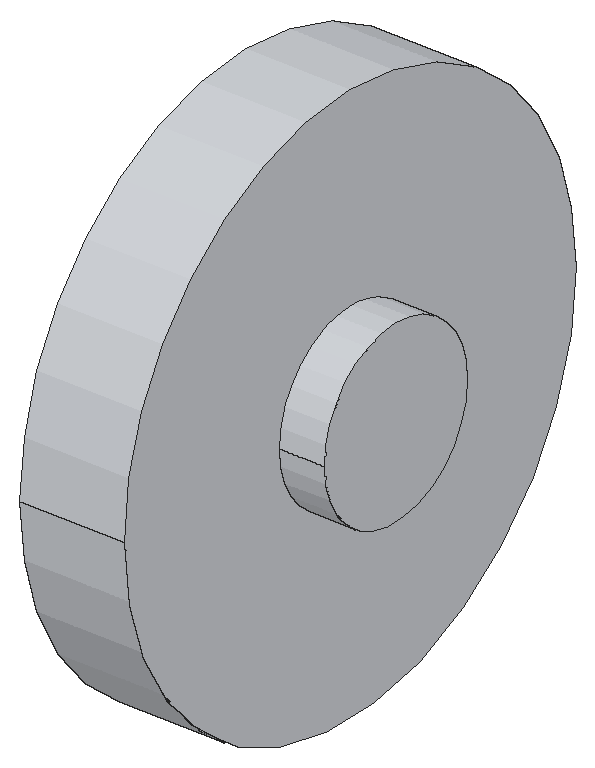
Revit family "384bdc3be1ce4cb9b9b8e45db5b30d9e", category Pipe Fittings, Revit 2021
Family settings
  Round Connector Dimension = Use Radius
  Part Type = Flange
  OmniClass Number = 23.60.30.11.14
  OmniClass Title = Pipework Fittings
  Seek Item ID = Flange - Slip-on - Steel - Class 900-0000-USA-ENU
  Work Plane-Based = No
  Always vertical = Yes
  Cut with Voids When Loaded = No
  Shared = No
Parameters (values of type "Standard")
  Tick Size [instance] = Flange Outside Diameter * 0.4  # 1.88976"
  Raised Face Thickness [instance] = 1/4"  # constant formula
  Raised Face Radius [instance] = Raised Face Diameter / 2  # 0.68701"
  Raised Face Diameter [instance] = size_lookup(Lookup Table Name, "RFD", 1.11 * Nominal Diameter + 1 47/128", Nominal Diameter)  # 1.37402"
  Nominal Radius [instance] = 1/4"
  Nominal Diameter [instance] = Nominal Radius * 2  # 1/2"
  Loss Method = Not Defined
  Lookup Table Name = "Flange - Slip-on - Steel - Class 900"
  Length Through Hub [instance] = size_lookup(Lookup Table Name, "LTH", 0.26 * Nominal Diameter + 1 1/2", Nominal Diameter)  # 1.25984"
  Hub Radius [instance] = Hub Diameter / 2  # 0.74803"
  Hub Diameter [instance] = size_lookup(Lookup Table Name, "HDia", 1.2 * Nominal Diameter + 1 53/128", Nominal Diameter)  # 1.49606"
  Flange Thickness [instance] = size_lookup(Lookup Table Name, "FThk", 0.18 * Nominal Diameter + 127/128", Nominal Diameter)  # 0.87795"
  Flange Outside Radius [instance] = Flange Outside Diameter / 2  # 2.3622"
  Flange Outside Diameter [instance] = size_lookup(Lookup Table Name, "FOD", 1.5 * Nominal Diameter + 5 33/256", Nominal Diameter)  # 4.72441"
  Default Elevation = 0' - 0"
Reference planes (in)
  plane 1 "Center (Front/Back)": y = 0
  plane 2: z = 0
  plane 3 "Center (Left/Right)": x = 0
  plane 4: x = 0.25
  plane 5: x = 1.12795
  plane 6: x = 1.50984
  plane 7: y = 1.88976
  plane 8: y = -1.88976
Forms (in)
  Sweep 1, solid, detail levels fine
    path in 3D
      loop
        line (0, 0, 0) -> (0.25, 0, 0)
    profile origin (0.125, 0, 0) x (0, 1, 0) y (0, 0, 1)
      loop
        circle (0, 0) r 0.68701
  Sweep 2, solid, detail levels fine
    path in 3D
      loop
        line (0.25, 0, 0) -> (1.12795, 0, 0)
    profile origin (0.68898, 0, 0) x (0, 1, 0) y (0, 0, 1)
      loop
        circle (0, 0) r 2.3622
  Sweep 3, solid, detail levels fine
    path in 3D
      loop
        line (1.12795, 0, 0) -> (1.50984, 0, 0)
    profile origin (1.3189, 0, 0) x (0, 1, 0) y (0, 0, 1)
      loop
        circle (0, 0) r 0.74803
Cuts and joins
  joined: Sweep 1, Sweep 2, Sweep 3
Lines and regions (in)
  model lines, detail levels coarse+medium
    curve 1: line (0, 0, 0) -> (0.25, 0, 0)
    curve 2: line (0.25, 0, 0) -> (1.12795, 0, 0)
    curve 3: line (1.12795, 0, 0) -> (1.50984, 0, 0)
    curve 7: line (1.12795, 1.88976, 0) -> (1.12795, -1.88976, 0)
  sketch lines
    curve 4: line (0, 0, 0) -> (0.25, 0, 0)
    curve 5: line (0.25, 0, 0) -> (1.12795, 0, 0)
    curve 6: line (1.12795, 0, 0) -> (1.50984, 0, 0)
Dimensions and locks (in)
  "Raised Face Thickness": plane 3 "Center (Left/Right)" to plane 4
  "Flange Thickness": plane 4 to plane 5
  "Length Through Hub": plane 4 to plane 6
  equal spacing: plane 7, plane 1 "Center (Front/Back)", plane 8
  "Tick Size": plane 7 to plane 1 "Center (Front/Back)"
  "Raised Face Radius": radius of Sweep 1 sketch curve
  "Flange Outside Radius": radius of Sweep 2 sketch curve
  "Hub Radius": radius of Sweep 3 sketch curve
  aligned and locked: plane 3 "Center (Left/Right)" to curve 1
  aligned and locked: plane 4 to curve 1
  aligned and locked: plane 1 "Center (Front/Back)" to curve 1
  aligned and locked: plane 1 "Center (Front/Back)" to curve 2
  aligned and locked: plane 5 to curve 3
  aligned and locked: plane 6 to curve 3
  aligned and locked: plane 1 "Center (Front/Back)" to curve 3
  aligned and locked: plane 7 to curve 7
  aligned and locked: plane 8 to curve 7
  aligned and locked: curve 7 to plane 5
Automatic sketch dimensions
  Sweep 1 sketch curve to profile plane = 0' - 0"  (x2)
  Sweep 2 sketch curve to profile plane = 0' - 0"  (x2)
  Sweep 3 sketch curve to profile plane = 0' - 0"  (x2)
Connectors (in)
  piping at (0, 0, 0), diameter 0.5, driven by "Nominal Radius"
    settings: on cut or joined group of Sweep 1, Sweep 2, Sweep 3, index 1, connector inside diameter 1/2", connector length 0' - 0", flow factor 0, pipe flow 0 GPM, pressure drop 0.00 psi, fitting loss kfactor 0, connector angle 0.00°, fixture units 0, engagement length 0' - 0", angle of deflection 0.00°, flow configuration 0, flow direction 0, fitting loss method 0, system type 28, joint type 0, gender type 0, connector reference index 2, connector utility 0, adjustable connector no, is connector primary yes, connector description ""
  piping at (1.50984, 0, 0), diameter 0.5, driven by "Nominal Radius"
    settings: on cut or joined group of Sweep 1, Sweep 2, Sweep 3, index 2, connector inside diameter 1/2", connector length 0' - 0", flow factor 0, pipe flow 0 GPM, pressure drop 0.00 psi, fitting loss kfactor 0, connector angle 0.00°, fixture units 0, engagement length 0' - 0", angle of deflection 0.00°, flow configuration 0, flow direction 0, fitting loss method 0, system type 28, joint type 0, gender type 0, connector reference index 1, connector utility 0, adjustable connector no, is connector primary no, connector description ""
